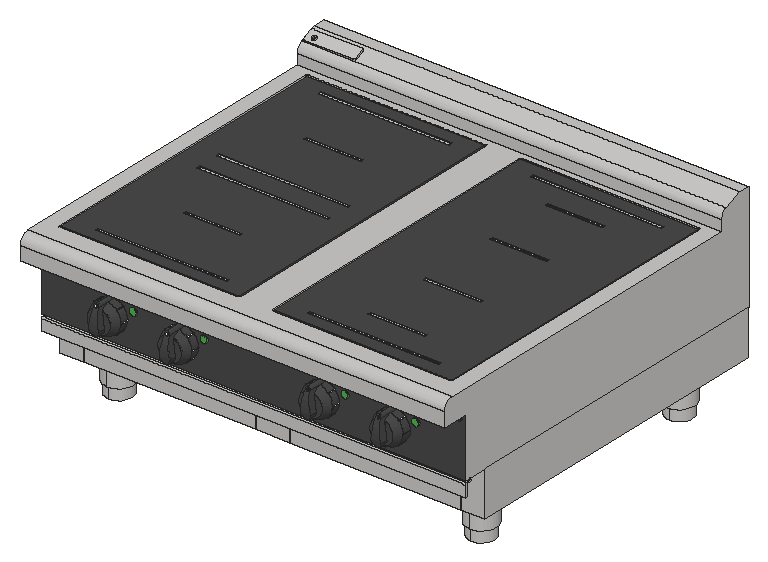
Revit family "QF_Moffat_INLB8400R5F-B_Induction_Cooktop_cat", category Specialty Equipment, Revit 2019 (continued)
Definition of nested family "QF_LOGO_Waldorf1"
  Automatic sketch dimensions
    Extrusion 1 sketch curve to Extrusion 1 sketch curve = 3.464 mm  (x3)
    Extrusion 1 sketch curve to Extrusion 1 sketch curve = 3.541 mm
    Extrusion 1 sketch curve to Extrusion 1 sketch curve = 4.325 mm
    Extrusion 1 sketch curve to Extrusion 1 sketch curve = 19.783 mm
    Extrusion 1 sketch curve to Extrusion 1 sketch curve = 7.592 mm
    plane 3 "LEFT" to Extrusion 2 sketch curve = 15.25 mm
    Extrusion 2 sketch curve to Extrusion 2 sketch curve = 4.325 mm
    plane 3 "LEFT" to Extrusion 3 sketch curve = 14.75 mm
    Extrusion 3 sketch curve to Extrusion 3 sketch curve = 4.325 mm
    Extrusion 1 to Split face 1 sketch curve = 6.879 mm
    Split face 1 sketch curve to Extrusion 1 = 5.728 mm
    Split face 1 sketch curve to Split face 1 sketch curve = 3.132 mm
    Split face 1 sketch curve to Split face 1 sketch curve = 4.068 mm
    Split face 1 sketch curve to Split face 1 sketch curve = 3.051 mm
    Split face 1 sketch curve to Split face 1 sketch curve = 4.203 mm
    Split face 1 sketch curve to Split face 1 sketch curve = 2.916 mm
    Split face 1 sketch curve to Split face 1 sketch curve = 3.456 mm
    Split face 1 sketch curve to Split face 1 sketch curve = 2.934 mm
    Split face 1 sketch curve to Split face 1 sketch curve = 4.131 mm
    Split face 1 sketch curve to Split face 1 sketch curve = 3.96 mm
    Split face 1 sketch curve to Split face 1 sketch curve = 0 mm  (x2)
    Split face 1 sketch curve to Extrusion 1 = 9.736 mm  (x2)
    Extrusion 1 to Split face 1 sketch curve = 6.337 mm
    Extrusion 1 to Split face 1 sketch curve = 6.231 mm
    Extrusion 1 to Split face 1 sketch curve = 3.184 mm
    Extrusion 1 to Split face 1 sketch curve = 13.135 mm
    Split face 1 sketch curve to Split face 1 sketch curve = 4.652 mm
    Split face 1 sketch curve to Split face 1 sketch curve = 3.593 mm
    Split face 1 sketch curve to Split face 1 sketch curve = 1.863 mm
    Split face 1 sketch curve to Split face 1 sketch curve = 0.713 mm
    Split face 1 sketch curve to Split face 1 sketch curve = 2.684 mm
    Split face 1 sketch curve to Split face 1 sketch curve = 3.294 mm
    Split face 1 sketch curve to Split face 1 sketch curve = 0.459 mm
    Split face 1 sketch curve to Split face 1 sketch curve = 2.775 mm
    Split face 1 sketch curve to Split face 1 sketch curve = 1.89 mm
    Split face 1 sketch curve to Split face 1 sketch curve = 0.685 mm
    Split face 1 sketch curve to Split face 1 sketch curve = 9.486 mm
    Split face 1 sketch curve to Split face 1 sketch curve = 16.213 mm
    Split face 1 sketch curve to Split face 1 sketch curve = 3.48 mm
    Split face 1 sketch curve to Split face 1 sketch curve = 4.918 mm
    Split face 1 sketch curve to Split face 1 sketch curve = 7.609 mm
    Split face 1 sketch curve to Split face 1 sketch curve = 0.01 mm  (x2)
    Split face 1 sketch curve to Split face 1 sketch curve = 0.002 mm
    Split face 2 sketch curve to Extrusion 1 = 11.169 mm
    Extrusion 1 to Split face 2 sketch curve = 25.647 mm
    Split face 2 sketch curve to Split face 2 sketch curve = 3.72 mm
    Split face 2 sketch curve to Extrusion 1 = 11.965 mm
    Split face 2 sketch curve to Split face 2 sketch curve = 0.371 mm
    Split face 2 sketch curve to Extrusion 1 = 6.602 mm
    Split face 2 sketch curve to Split face 2 sketch curve = 2.689 mm
    Split face 2 sketch curve to Split face 2 sketch curve = 0.318 mm
    Split face 2 sketch curve to Split face 2 sketch curve = 3.729 mm
    Split face 2 sketch curve to Split face 2 sketch curve = 0.414 mm
    Split face 2 sketch curve to Split face 2 sketch curve = 0.875 mm
    Split face 2 sketch curve to Split face 2 sketch curve = 0.878 mm
    Split face 3 sketch curve to Extrusion 1 = 8.597 mm
    Extrusion 1 to Split face 3 sketch curve = 29.688 mm
    Split face 3 sketch curve to Extrusion 1 = 9.264 mm
    Split face 3 sketch curve to Split face 3 sketch curve = 2.326 mm
    Split face 4 sketch curve to Extrusion 1 = 5.728 mm
    Extrusion 1 to Split face 4 sketch curve = 38.08 mm
    Split face 4 sketch curve to Split face 4 sketch curve = 3.843 mm
    Split face 4 sketch curve to Extrusion 1 = 9.736 mm
    Split face 5 sketch curve to Extrusion 1 = 9.736 mm
    Split face 5 sketch curve to Extrusion 1 = 43.205 mm
    Split face 5 sketch curve to Extrusion 1 = 6.679 mm
    Split face 5 sketch curve to Split face 5 sketch curve = 0.342 mm
    Split face 5 sketch curve to Split face 5 sketch curve = 3.375 mm
    Split face 5 sketch curve to Split face 5 sketch curve = 0.952 mm
    Split face 5 sketch curve to Split face 5 sketch curve = 3.998 mm
    Split face 6 sketch curve to Extrusion 1 = 7.499 mm
    Split face 6 sketch curve to Extrusion 1 = 44.727 mm
    Split face 6 sketch curve to Split face 6 sketch curve = 2.07 mm
    Split face 7 sketch curve to Extrusion 1 = 5.305 mm
    Split face 7 sketch curve to Extrusion 1 = 32.551 mm
    Split face 7 sketch curve to Split face 7 sketch curve = 4.443 mm
    Split face 8 sketch curve to Extrusion 1 = 7.654 mm
    Split face 8 sketch curve to Extrusion 1 = 32.551 mm
    Split face 8 sketch curve to Split face 8 sketch curve = 2.095 mm
    Split face 9 sketch curve to Extrusion 1 = 5.728 mm
    Split face 9 sketch curve to Extrusion 1 = 25.521 mm
    Split face 9 sketch curve to Split face 9 sketch curve = 3.519 mm
    Split face 9 sketch curve to Split face 9 sketch curve = 0.315 mm
    Split face 9 sketch curve to Split face 9 sketch curve = 3.33 mm
    Split face 9 sketch curve to Split face 9 sketch curve = 3.248 mm
    Split face 9 sketch curve to Split face 9 sketch curve = 1.795 mm
    Split face 9 sketch curve to Split face 9 sketch curve = 3.36 mm
    Split face 9 sketch curve to Split face 9 sketch curve = 1.545 mm
    Split face 9 sketch curve to Split face 9 sketch curve = 0.233 mm
    Split face 10 sketch curve to Extrusion 1 = 18.106 mm
    Split face 10 sketch curve to Split face 10 sketch curve = 1.188 mm  (x2)
    Split face 10 sketch curve to Split face 10 sketch curve = 3.285 mm
    Split face 10 sketch curve to Split face 10 sketch curve = 3.789 mm
    Split face 10 sketch curve to Split face 10 sketch curve = 0 mm  (x2)
    Split face 10 sketch curve to Split face 10 sketch curve = 1.629 mm
    Split face 10 sketch curve to Split face 10 sketch curve = 2.133 mm
    Split face 10 sketch curve to Extrusion 1 = 5.728 mm
    Split face 10 sketch curve to Split face 10 sketch curve = 6.245 mm
    Split face 10 sketch curve to Split face 10 sketch curve = 1.907 mm  (x2)
    Split face 10 sketch curve to Split face 10 sketch curve = 1.197 mm
    Split face 10 sketch curve to Split face 10 sketch curve = 2.19 mm
Types (2, lengths in mm): name | Volts | Cycle | Apparent Power
  INLB8400R5F-B_415/60/3 | 415 V | 60 Hz | 20102.6 VA
  INLB8400R5F-B_400/50/3 | 400 V | 50 Hz | 19376 VA
